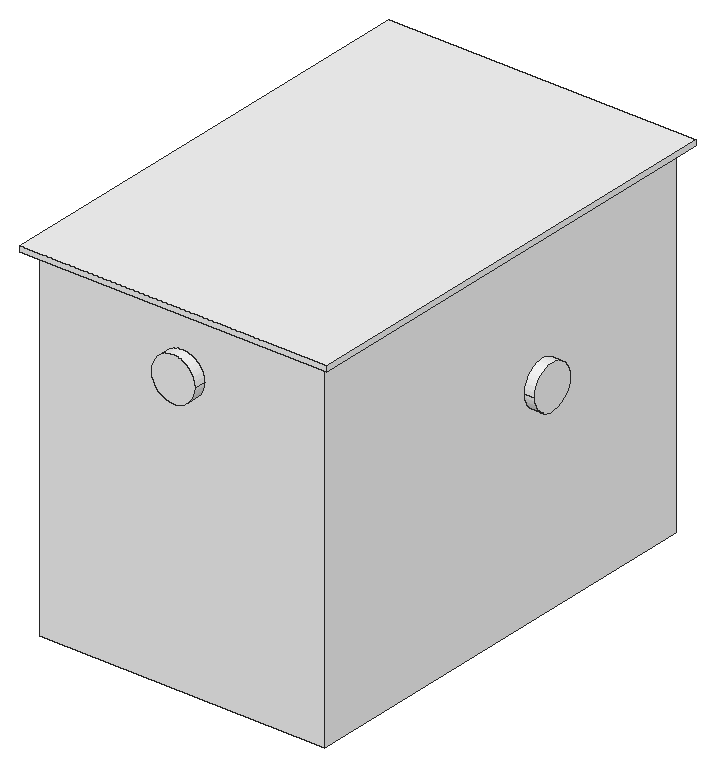
Revit family "Plumbing Fixture-Grease_Interseptor_Mifab_MI-SAND-OIL", category Plumbing Fixtures, host Face, Revit 2013
Parameters (values of type "MI-SO-0")
  Water Capacity = "108.9 Gallons"
  WFU = 0
  URL = "www.mifab.com"
  Standard Inlet And Outlet Radii = F / 2  # 2.000"
  Model = "MI-SO-0"
  Manufacturer = "MIFAB"
  G = 19.000"
  Floor Drain Material = Paint - Sherwin Williams Paint - #952C2A - Bellwood Red
  F = 4.000"
  E = 32.000"
  Description = "Sand and Oil Interceptor"
  Default Elevation = 0.000"
  D = 26.000"
  C = 6.000"
  B = 28.000"
  Assembly Code = "D2090300"
  A = 42.000"
Types (13): name | Water Capacity | Standard Inlet And Outlet Radii | Model | G | F | E | D | C | B | A
  (no name) | "108.9 Gallons" | 2.000" | "MI-SO-0" | 19.000" | 4.000" | 32.000" | 26.000" | 6.000" | 28.000" | 42.000"
  MI-SO-0 | "108.9 Gallons" | 2.000" | "MI-SO-0" | 19.000" | 4.000" | 32.000" | 26.000" | 6.000" | 28.000" | 42.000"
  MI-SO-1 | "192.7 Gallons" | 2.000" | "MI-SO-1" | 19.000" | 4.000" | 34.000" | 26.000" | 8.000" | 37.000" | 55.000"
  MI-SO-2 | "226.9 Gallons" | 2.000" | "MI-SO-2" | 21.000" | 4.000" | 36.000" | 28.000" | 8.000" | 38.000" | 58.000"
  MI-SO-3 | "264.6 Gallons" | 2.000" | "MI-SO-3" | 23.000" | 4.000" | 36.000" | 28.000" | 8.000" | 39.000" | 61.000"
  MI-SO-4 | "395.6 Gallons" | 2.000" | "MI-SO-4" | 27.000" | 4.000" | 44.000" | 34.000" | 10.000" | 44.000" | 70.000"
  MI-SO-5 | "500.6 Gallons" | 2.000" | "MI-SO-5" | 31.000" | 4.000" | 48.000" | 38.000" | 10.000" | 46.000" | 75.000"
  MI-SO-6 | "579.7 Gallons" | 3.000" | "MI-SO-6" | 32.000" | 6.000" | 52.000" | 40.000" | 12.000" | 49.000" | 77.000"
  MI-SO-7* | "612.2 Gallons" | 3.000" | "MI-SO-7*" | 36.000" | 6.000" | 52.000" | 40.000" | 12.000" | 51.000" | 80.000"
  MI-SO-8* | "785.9 Gallons" | 3.000" | "MI-SO-8*" | 46.000" | 6.000" | 58.000" | 44.000" | 14.000" | 56.000" | 84.000"
  MI-SO-9* | "1172.3 Gallons" | 3.000" | "MI-SO-9*" | 46.000" | 6.000" | 68.000" | 54.000" | 14.000" | 61.000" | 92.000"
  MI-SO-10* | "1807.8 Gallons" | 4.000" | "MI-SO-10*" | 53.000" | 8.000" | 76.000" | 62.000" | 14.000" | 74.000" | 102.000"
  MI-SO-11* | "2105.3 Gallons" | 4.000" | "MI-SO-11*" | 57.000" | 8.000" | 80.000" | 66.000" | 14.000" | 76.000" | 108.000"
Reference planes (in)
  plane 1 "Center (Front/Back)": y = 0
  plane 2: z = 0
  plane 3 "Center (Left/Right)": x = 0
  plane 4: x = -14
  plane 5: y = -21
  plane 6: y = 21
  plane 7: x = 14
  plane 8: z = -6
  plane 9: z = -32
  plane 10: z = -32
  plane 11: z = -0.1345
  plane 12: z = -31.8655
Forms (in)
  Extrusion 1, solid, material "Paint - Sherwin Williams Paint - #952C2A - Bellwood Red" <- "Floor Drain Material"
    sketch origin (0, 0, 0) x (1, 0, 0) y (0, 1, 0)
      loop
        line (-14, 21) -> (-14, -21) -> (14, -21) -> (14, 21) -> (-14, 21)
    from 0 to -0.5
  Extrusion 2, solid, material "Paint - Sherwin Williams Paint - #952C2A - Bellwood Red" <- "Floor Drain Material"
    sketch origin (0, 0, 0) x (1, 0, 0) y (0, 1, 0)
      loop
        line (-13, 20) -> (-13, -20) -> (13, -20) -> (13, 20) -> (-13, 20)
    from 0 to -32
  Extrusion 3, solid, material "Paint - Sherwin Williams Paint - #952C2A - Bellwood Red" <- "Floor Drain Material"
    sketch origin (0, 0, 0) x (1, 0, 0) y (0, 0, 1)
      loop
        circle (0, -6) r 2
    from -21 to 21
  Extrusion 4, solid, material "Paint - Sherwin Williams Paint - #952C2A - Bellwood Red" <- "Floor Drain Material"
    sketch origin (0, 0, -4.85246) x (0, 1, 0) y (0, 0, 1)
      loop
        circle (4.68776, -8.14754) r 2
    from -14 to 14
Cuts and joins
  joined: Extrusion 1, Extrusion 2, Extrusion 3, Extrusion 4
Lines and regions (in)
  symbolic lines
    curve 1: line (-14, 21, 0) -> (14, 21, 0)
    curve 2: line (-14, -21, 0) -> (-14, 21, 0)
    curve 3: line (14, -21, 0) -> (-14, -21, 0)
    curve 4: line (14, 21, 0) -> (14, -21, 0)
Dimensions and locks (in)
  equal spacing: plane 4, plane 3 "Center (Left/Right)", plane 7
  equal spacing: plane 6, plane 1 "Center (Front/Back)", plane 5
  "B": plane 4 to plane 7
  "A": plane 6 to plane 5
  "C": host face to plane 8
  "D": plane 8 to plane 9
  "E": host face to plane 10
  equal spacing: Extrusion 2 sketch curve, plane 3 "Center (Left/Right)", Extrusion 2 sketch curve
  equal spacing: Extrusion 2 sketch curve, plane 1 "Center (Front/Back)", Extrusion 2 sketch curve
  Extrusion 2 sketch curve to plane 6 = 1.000"
  plane 4 to Extrusion 2 sketch curve = 1.000"
  locked: plane 12 to plane 10 at 0.1345
  locked: host face to plane 11 at 0.1345
  locked: plane 1 "Center (Front/Back)" to Extrusion 4 sketch curve at 4.68776
  "G": Extrusion 4 sketch curve to plane 10
  "F": diameter of Extrusion 3 sketch curve
  aligned and locked: plane 2 to host face
  aligned and locked: level to host face
  aligned and locked: Extrusion 1 sketch curve to plane 6
  aligned and locked: plane 4 to Extrusion 1 sketch curve
  aligned and locked: plane 5 to Extrusion 1 sketch curve
  aligned and locked: Extrusion 1 sketch curve to plane 7
  aligned and locked: Extrusion 2 to plane 9
  aligned and locked: Extrusion 3 to plane 5
  aligned and locked: plane 6 to Extrusion 3
  aligned and locked: Extrusion 3 to cut or joined group of Extrusion 1, Extrusion 2, Extrusion 3, Extrusion 4
  aligned and locked: plane 7 to Extrusion 4
  aligned and locked: Extrusion 4 to plane 4
  aligned and locked: curve 1 to plane 6
  aligned and locked: plane 4 to curve 2
  aligned and locked: plane 5 to curve 3
  aligned and locked: curve 4 to plane 7
Automatic sketch dimensions
  host sketch curve to host sketch curve = 81.82806"
  host sketch curve to host sketch curve = 85.6386"
  Extrusion 3 sketch curve to plane 3 "Center (Left/Right)" = 0.000"
  Extrusion 3 sketch curve to plane 8 = 0.000"
  curve 3 to plane 7 = 0.000"
  radius of Extrusion 4 sketch curve = 2.000"
Connectors (in)
  piping at (0, 21, -6), driven by "Standard Inlet And Outlet Radii"
    settings: on cut or joined group of Extrusion 1, Extrusion 2, Extrusion 3, Extrusion 4, index 1, connector radius 2", flow factor 0, pipe flow 0 GPM, pressure drop 0.00 psi, fitting loss kfactor 0, connector angle 0.00°, fixture units 0, engagement length 0.000", flow configuration 0, flow direction 1, fitting loss method 0, system type 16, joint type 0, gender type 0, connector reference index -1, connector utility 0, adjustable connector no, is connector primary yes, fitting loss table "", connector description "In"
  piping at (0, -21, -6), driven by "Standard Inlet And Outlet Radii"
    settings: on cut or joined group of Extrusion 1, Extrusion 2, Extrusion 3, Extrusion 4, index 2, connector radius 2", flow factor 0, pipe flow 0 GPM, pressure drop 0.00 psi, fitting loss kfactor 0, connector angle 0.00°, fixture units 0, engagement length 0.000", flow configuration 0, flow direction 2, fitting loss method 0, system type 16, joint type 0, gender type 0, connector reference index -1, connector utility 0, adjustable connector no, is connector primary no, fitting loss table "", connector description "Out"
  piping at (13, 4.68776, -13)
    settings: on cut or joined group of Extrusion 1, Extrusion 2, Extrusion 3, Extrusion 4, index 3, connector radius 2", flow factor 0, pipe flow 0 GPM, pressure drop 0.00 psi, fitting loss kfactor 0, connector angle 0.00°, fixture units 0, engagement length 0.000", flow configuration 0, flow direction 0, fitting loss method 0, system type 7, joint type 0, gender type 0, connector reference index -1, connector utility 0, adjustable connector no, is connector primary no, fitting loss table "", connector description ""
  piping at (-13, 4.68776, -13)
    settings: on cut or joined group of Extrusion 1, Extrusion 2, Extrusion 3, Extrusion 4, index 4, connector radius 2", flow factor 0, pipe flow 0 GPM, pressure drop 0.00 psi, fitting loss kfactor 0, connector angle 0.00°, fixture units 0, engagement length 0.000", flow configuration 0, flow direction 0, fitting loss method 0, system type 7, joint type 0, gender type 0, connector reference index -1, connector utility 0, adjustable connector no, is connector primary no, fitting loss table "", connector description ""
